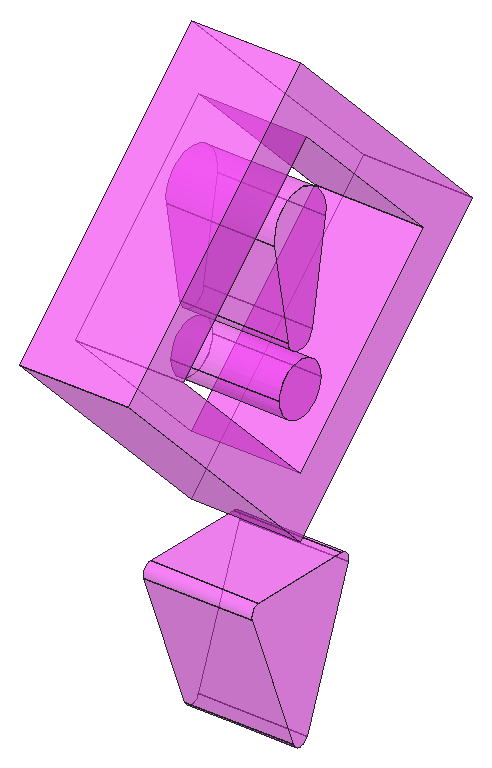
Revit family "ELEC-004", category Modèles génériques, Revit 2023
Family settings
  Peut héberger une armature = Non
  Cote de connecteur circulaire = Utiliser le diamètre
  Type d'élément = Normal
  Basée sur le plan de construction = Non
  Toujours verticalement = Oui
  Couper avec des vides une fois chargée = Non
  Conserver l'orientation des annotations = Non
  Partagée = Non
  Repère de localisation dans la pièce = Non
Parameters
  Elévation par défaut = 0 mm
Reference planes
  plane 1 "Center (Front/Back)": y = 0
  plane 2: z = 0
  plane 3 "Center (Left/Right)": x = 0
Forms (mm)
  Extrusion 1, solid, material "Default Light Source", detail levels medium+fine
    sketch origin (125, 0, 0) x (0, -1, 0) y (0, 0, 1)
      loop
        line (-494.975, 916.748) -> (0, 421.773) -> (494.975, 916.748) -> (0, 1411.723) -> (-494.975, 916.748)
      loop
        line (-353.553, 916.748) -> (0, 563.195) -> (334.734, 897.929) -> (-18.819, 1251.483) -> (-353.553, 916.748)
      loop
        arc (138.095, 321.469) -> (135.906, 339.964) -> (119.423, 348.636) r 20
        line (119.423, 348.636) -> (-119.423, 348.636)
        arc (-119.423, 348.636) -> (-135.906, 339.964) -> (-138.095, 321.469) r 20
        line (-138.095, 321.469) -> (-19.961, 13.719)
        arc (-19.961, 13.719) -> (0, 0) -> (19.961, 13.719) r 21.381
        line (19.961, 13.719) -> (138.095, 321.469)
      loop
        circle (0, 738.344) r 60
      loop
        line (-73.213, 1065.058) -> (-35.01, 848.4)
        arc (-35.01, 848.4) -> (0, 819.023) -> (35.01, 848.4) r 35.55
        line (35.01, 848.4) -> (73.213, 1065.058)
        arc (73.213, 1065.058) -> (0, 1152.309) -> (-73.213, 1065.058) r 74.342
    from 0 to 250
Dimensions and locks
  aligned and locked: level to plane 2
